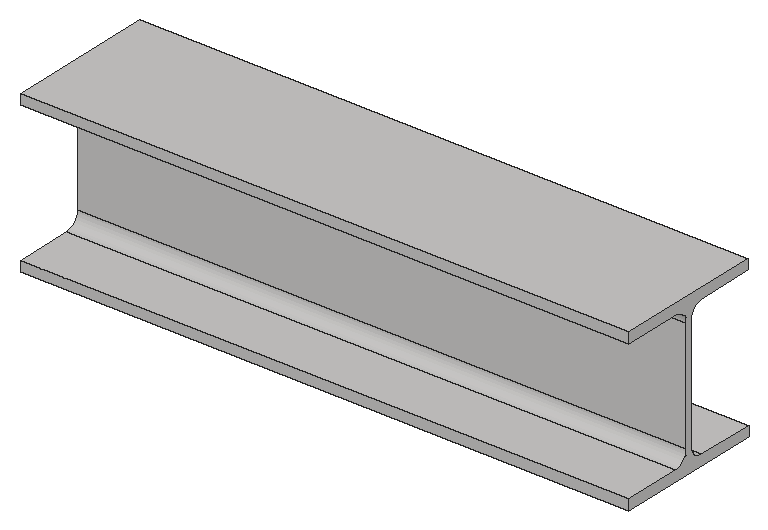
Revit family "NLRS_28_SFR_HEB", category Structural Framing, Revit 2020
Family settings
  Structural Framing Length Roundoff = 0 mm
  Section Shape = I-shape Wide Flange
  Material for Model Behavior = Steel
  Always export as geometry = No
  Code Name = EURONORM 53-62; DIN 1025-2
  Always vertical = Yes
  Cut with Voids When Loaded = No
  Symbolic Representation = From Project Settings
  Shared = No
  Show family pre-cut in plan views = Yes
Parameters (values of type "HEB320")
  Width = 300 mm
  Web Thickness = 11.5 mm
  Web Fillet = 27 mm
  Warping Constant = (empty or 0)
  Type Comments = ""
  Torsional Moment of Inertia = 0 cm⁴
  Structural Material [instance] = h3_Structural Steel - S235
  Section Name Key = "HEB320"
  Section Area = 161.0 cm²
  Plastic Modulus weak axis = 939.1 cm³
  Plastic Modulus strong axis = 2149 cm³
  Perimeter = 5.8071 (stored number, unit not read)
  Nominal Weight = 1245.4 N/m
  Moment of Inertia weak axis = 9240 cm⁴
  Moment of Inertia strong axis = 30820 cm⁴
  Height = 320 mm
  Flange Thickness = 20.5 mm
  Elastic Modulus weak axis = 616 cm³
  Elastic Modulus strong axis = 1930 cm³
  Centroid Vertical = Height / 2  # 160 mm
  Centroid Horizontal = Width / 2  # 150 mm
  Bolt Spacing = 136 mm
  Assembly Code = "2B(28.10)"
  Length [instance] = 1500 mm
Types (24, lengths in mm): name | Width | Web Thickness | Web Fillet | Section Name Key | Section Area | Plastic Modulus weak axis | Plastic Modulus strong axis | Perimeter | Nominal Weight | Moment of Inertia weak axis | Moment of Inertia strong axis | Height | Flange Thickness | Elastic Modulus weak axis | Elastic Modulus strong axis | Centroid Vertical | Centroid Horizontal | Bolt Spacing
  HEB320 | 300 | 11.5 | 27 | "HEB320" | 161.0 cm² | 939.1 cm³ | 2149 cm³ | 5.8071 (stored number, unit not read) | 1245.4 N/m | 9240 cm⁴ | 30820 cm⁴ | 320 | 20.5 | 616 cm³ | 1930 cm³ | 160 | 150 | 136
  HEB1000 | 300 | 19 | 30 | "HEB1000" | 400.0 cm² | 1716 cm³ | 14860 cm³ | 10.203 (stored number, unit not read) | 3079.3 N/m | 16280 cm⁴ | 644700 cm⁴ | 1000 | 36 | 1090 cm³ | 12890 cm³ | 500 | 150 | 149
  HEB900 | 300 | 18.5 | 30 | "HEB900" | 371.0 cm² | 1658 cm³ | 12580 cm³ | 9.5472 (stored number, unit not read) | 2853.7 N/m | 15820 cm⁴ | 494100 cm⁴ | 900 | 35 | 1050 cm³ | 10980 cm³ | 450 | 150 | 149
  HEB800 | 300 | 17.5 | 30 | "HEB800" | 334.0 cm² | 1553 cm³ | 10230 cm³ | 8.8911 (stored number, unit not read) | 2569.3 N/m | 14900 cm⁴ | 359100 cm⁴ | 800 | 33 | 994 cm³ | 8980 cm³ | 400 | 150 | 148
  HEB700 | 300 | 17 | 27 | "HEB700" | 306.0 cm² | 1495 cm³ | 8327 cm³ | 8.2677 (stored number, unit not read) | 2363.4 N/m | 14400 cm⁴ | 256900 cm⁴ | 700 | 32 | 963 cm³ | 7340 cm³ | 350 | 150 | 141
  HEB650 | 300 | 16 | 27 | "HEB650" | 286.0 cm² | 1441 cm³ | 7320 cm³ | 7.9396 (stored number, unit not read) | 2206.5 N/m | 13980 cm⁴ | 210600 cm⁴ | 650 | 31 | 932 cm³ | 6480 cm³ | 325 | 150 | 140
  HEB600 | 300 | 15.5 | 27 | "HEB600" | 270.0 cm² | 1391 cm³ | 6425 cm³ | 7.6115 (stored number, unit not read) | 2079 N/m | 13530 cm⁴ | 171000 cm⁴ | 600 | 30 | 902 cm³ | 5700 cm³ | 300 | 150 | 140
  HEB550 | 300 | 15 | 27 | "HEB550" | 254.0 cm² | 1341 cm³ | 5591 cm³ | 7.2835 (stored number, unit not read) | 1951.5 N/m | 13080 cm⁴ | 136700 cm⁴ | 550 | 29 | 872 cm³ | 4970 cm³ | 275 | 150 | 139
  HEB500 | 300 | 14.5 | 27 | "HEB500" | 239.0 cm² | 1292 cm³ | 4815 cm³ | 6.9554 (stored number, unit not read) | 1833.8 N/m | 12620 cm⁴ | 107200 cm⁴ | 500 | 28 | 842 cm³ | 4290 cm³ | 250 | 150 | 139
  HEB450 | 300 | 14 | 27 | "HEB450" | 218.0 cm² | 1198 cm³ | 3982 cm³ | 6.6601 (stored number, unit not read) | 1676.9 N/m | 11720 cm⁴ | 79890 cm⁴ | 450 | 26 | 781 cm³ | 3550 cm³ | 225 | 150 | 138
  HEB400 | 300 | 13.5 | 27 | "HEB400" | 198.0 cm² | 1104 cm³ | 3232 cm³ | 6.332 (stored number, unit not read) | 1520 N/m | 10820 cm⁴ | 57680 cm⁴ | 400 | 24 | 721 cm³ | 2880 cm³ | 200 | 150 | 138
  HEB360 | 300 | 12.5 | 27 | "HEB360" | 181.0 cm² | 1032 cm³ | 2683 cm³ | 6.0696 (stored number, unit not read) | 1392.5 N/m | 10140 cm⁴ | 43190 cm⁴ | 360 | 22.5 | 676 cm³ | 2400 cm³ | 180 | 150 | 137
  HEB340 | 300 | 12 | 27 | "HEB340" | 171.0 cm² | 985.7 cm³ | 2408 cm³ | 5.9383 (stored number, unit not read) | 1314.1 N/m | 9690 cm⁴ | 36660 cm⁴ | 340 | 21.5 | 646 cm³ | 2160 cm³ | 170 | 150 | 136
  HEB300 | 300 | 11 | 27 | "HEB300" | 149.0 cm² | 870.1 cm³ | 1869 cm³ | 5.6759 (stored number, unit not read) | 1147.4 N/m | 8560 cm⁴ | 25170 cm⁴ | 300 | 19 | 571 cm³ | 1680 cm³ | 150 | 150 | 135
  HEB280 | 280 | 10.5 | 24 | "HEB280" | 131.0 cm² | 717.6 cm³ | 1534 cm³ | 5.315 (stored number, unit not read) | 1010.1 N/m | 6590 cm⁴ | 19270 cm⁴ | 280 | 18 | 471 cm³ | 1380 cm³ | 140 | 140 | 129
  HEB260 | 260 | 10 | 24 | "HEB260" | 118.0 cm² | 602.2 cm³ | 1283 cm³ | 4.9213 (stored number, unit not read) | 912.02 N/m | 5130 cm⁴ | 14920 cm⁴ | 260 | 17.5 | 395 cm³ | 1150 cm³ | 130 | 130 | 128
  HEB240 | 240 | 10 | 21 | "HEB240" | 106.0 cm² | 498.4 cm³ | 1053 cm³ | 4.5276 (stored number, unit not read) | 815.91 N/m | 3920 cm⁴ | 11260 cm⁴ | 240 | 17 | 327 cm³ | 938 cm³ | 120 | 120 | 122
  HEB220 | 220 | 9.5 | 18 | "HEB220" | 91.0 cm² | 393.9 cm³ | 827 cm³ | 4.1667 (stored number, unit not read) | 701.17 N/m | 2840 cm⁴ | 8090 cm⁴ | 220 | 16 | 258 cm³ | 736 cm³ | 110 | 110 | 116
  HEB200 | 200 | 9 | 18 | "HEB200" | 78.1 cm² | 305.8 cm³ | 642.5 cm³ | 3.773 (stored number, unit not read) | 601.15 N/m | 2000 cm⁴ | 5700 cm⁴ | 200 | 15 | 200 cm³ | 570 cm³ | 100 | 100 | 115
  HEB180 | 180 | 8.5 | 15 | "HEB180" | 65.3 cm² | 231 cm³ | 481.4 cm³ | 3.4121 (stored number, unit not read) | 502.1 N/m | 1360 cm⁴ | 3830 cm⁴ | 180 | 14 | 151 cm³ | 426 cm³ | 90 | 90 | 109
  HEB160 | 160 | 8 | 15 | "HEB160" | 54.3 cm² | 170 cm³ | 354 cm³ | 3.0118 (stored number, unit not read) | 417.76 N/m | 889 cm⁴ | 2490 cm⁴ | 160 | 13 | 111 cm³ | 311 cm³ | 80 | 80 | 89
  HEB140 | 140 | 7 | 12 | "HEB140" | 43.0 cm² | 119.8 cm³ | 245.4 cm³ | 2.6411 (stored number, unit not read) | 330.48 N/m | 550 cm⁴ | 1510 cm⁴ | 140 | 12 | 78.5 cm³ | 216 cm³ | 70 | 70 | 82
  HEB120 | 120 | 6.5 | 12 | "HEB120" | 34.0 cm² | 80.97 cm³ | 165.2 cm³ | 2.2507 (stored number, unit not read) | 261.84 N/m | 318 cm⁴ | 864 cm⁴ | 120 | 11 | 52.9 cm³ | 144 cm³ | 60 | 60 | 77
  HEB100 | 100 | 6 | 12 | "HEB100" | 26.0 cm² | 51.42 cm³ | 104.2 cm³ | 1.8602 (stored number, unit not read) | 200.05 N/m | 167 cm⁴ | 450 cm⁴ | 100 | 10 | 33.5 cm³ | 89.9 cm³ | 50 | 50 | 67
Reference planes
  plane 1 "Center (Front/Back)": y = 0
  plane 2: z = 0
  plane 3 "Center (Left/Right)": x = 4.61
  plane 4 "Member Left": x = -604.99
  plane 5 "Member Right": x = 614.21
  plane 6: y = 150
  plane 7: y = -150
  plane 8 "Top": z = 160
  plane 9: z = -160
  plane 10 "Right": x = 766.61
  plane 11 "Left": x = -733.39
  plane 12: z = 139.5
  plane 13: y = 5.75
  plane 14: y = -5.75
Forms (mm)
  Sweep 1, solid, material "h3_Structural Steel - S235" <- "Structural Material", detail levels fine
    path origin (0, 0, 0) x (1, 0, 0) y (0, 1, 0)
      loop
        line (614.21, 0) -> (-604.99, 0)
    profile "HP-Bearing Pile-Profile-Fine : HP-Bearing Pile-Profile-Fine" origin (4.61, 0, 0) x (0, -1, 0) y (0, 0, 1)
      loop
        line (-150, -160) -> (150, -160) -> (150, -139.5) -> (32.75, -139.5)
        arc (32.75, -139.5) -> (13.658, -131.592) -> (5.75, -112.5) r 27
        line (5.75, -112.5) -> (5.75, 112.5)
        arc (5.75, 112.5) -> (13.658, 131.592) -> (32.75, 139.5) r 27
        line (32.75, 139.5) -> (150, 139.5) -> (150, 160) -> (-150, 160) -> (-150, 139.5) -> (-32.75, 139.5)
        arc (-32.75, 139.5) -> (-13.658, 131.592) -> (-5.75, 112.5) r 27
        line (-5.75, 112.5) -> (-5.75, -112.5)
        arc (-5.75, -112.5) -> (-13.658, -131.592) -> (-32.75, -139.5) r 27
        line (-32.75, -139.5) -> (-150, -139.5) -> (-150, -160)
  Sweep 2, solid, material "h3_Structural Steel - S235" <- "Structural Material", detail levels medium
    path origin (0, 0, 0) x (1, 0, 0) y (0, 1, 0)
      loop
        line (614.21, 0) -> (-604.99, 0)
    profile "HP-Bearing Pile-Profile-Medium : HP-Bearing Pile-Profile-Medium" origin (4.61, 0, 0) x (0, -1, 0) y (0, 0, 1)
      loop
        line (-150, -160) -> (150, -160) -> (150, -139.5) -> (5.75, -139.5) -> (5.75, 139.5) -> (150, 139.5) -> (150, 160) -> (-150, 160) -> (-150, 139.5) -> (-5.75, 139.5) -> (-5.75, -139.5) -> (-150, -139.5) -> (-150, -160)
Lines and regions (mm)
  symbolic lines, style "Hidden Faces", detail levels medium+fine
    curve 1: line (614.21, -5.75, 0) -> (-604.99, -5.75, 0)
    curve 2: line (614.21, 5.75, 0) -> (-604.99, 5.75, 0)
  symbolic lines, style "Stick Symbols", detail levels coarse
    curve 3: line (4.61, 150, 160) -> (4.61, -150, 160)
    curve 4: line (4.61, -150, -160) -> (4.61, 150, -160)
    curve 5: line (4.61, 0, -160) -> (4.61, 0, 160)
  model lines, style "28_hartlijn_staal"
    curve 6: line (-604.99, 0, 160) -> (614.21, 0, 160)
Dimensions and locks
  "Width": plane 6 to plane 7
  "Height": plane 9 to plane 8 "Top"
  equal spacing: plane 9, plane 2, plane 8 "Top"
  equal spacing: plane 6, plane 1 "Center (Front/Back)", plane 7
  "Length": plane 11 "Left" to plane 10 "Right"
  "Flange Thickness": plane 8 "Top" to plane 12
  equal spacing: plane 13, plane 1 "Center (Front/Back)", plane 14
  "Web Thickness": plane 13 to plane 14
  aligned and locked: Sweep 1 sketch curve to plane 1 "Center (Front/Back)"
  aligned and locked: Sweep 2 sketch curve to plane 1 "Center (Front/Back)"
  aligned and locked: Sweep 2 to curve 3
  aligned and locked: Sweep 2 to curve 4
  aligned and locked: curve 2 to plane 13
  aligned and locked: curve 1 to plane 14
  aligned and locked: plane 6 to curve 3
  aligned and locked: plane 7 to curve 3
  aligned and locked: plane 1 "Center (Front/Back)" to curve 5
  aligned and locked: plane 6 to curve 4
  aligned and locked: plane 7 to curve 4
  aligned and locked: plane 9 to curve 5
  aligned and locked: plane 8 "Top" to curve 5
  aligned and locked: plane 4 "Member Left" to Sweep 1 sketch curve
  aligned and locked: plane 5 "Member Right" to Sweep 1 sketch curve
  aligned and locked: plane 4 "Member Left" to Sweep 2 sketch curve
  aligned and locked: plane 5 "Member Right" to Sweep 2 sketch curve
  aligned and locked: plane 4 "Member Left" to curve 1
  aligned and locked: plane 5 "Member Right" to curve 1
  aligned and locked: plane 4 "Member Left" to curve 2
  aligned and locked: plane 5 "Member Right" to curve 2
  aligned and locked: Sweep 1 to plane 8 "Top"
  aligned and locked: Sweep 1 to plane 7  (x2)
  aligned and locked: plane 6 to Sweep 1  (x2)
  aligned and locked: Sweep 1 to plane 12  (x2)
  aligned and locked: Sweep 1 to plane 13
  aligned and locked: plane 14 to Sweep 1
  aligned and locked: plane 9 to Sweep 1
  aligned and locked: Sweep 2 to plane 12  (x4)
  aligned and locked: plane 6 to Sweep 2
  aligned and locked: Sweep 2 to plane 7
  aligned and locked: plane 5 "Member Right" to curve 6
  aligned and locked: plane 4 "Member Left" to curve 6
  aligned and locked: plane 1 "Center (Front/Back)" to curve 6
